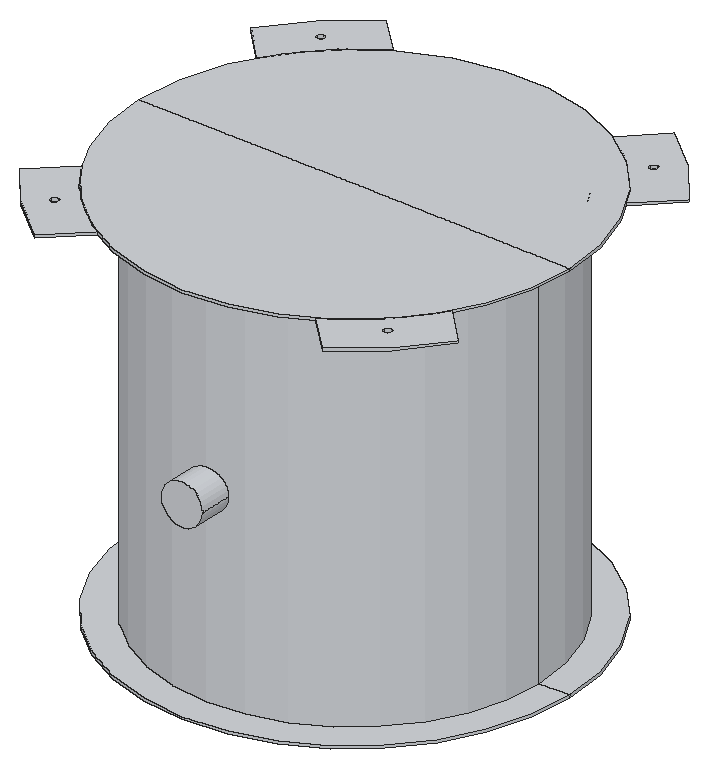
Revit family "VAD_Downblast_Ceiling_Mount", category Mechanical Equipment, Revit 2019
Family settings
  Round Connector Dimension = Use Radius
  Part Type = Normal
  Work Plane-Based = No
  Always vertical = Yes
  Cut with Voids When Loaded = No
  Shared = No
  Room Calculation Point = No
Parameters (values of type "18_VAD_DOWNBLAST_CEILING")
  Unit Weight [instance] = ""
  ModelID [instance] = ""
  L/2 = L / 2  # 0' - 8 7/32"
  J/2 = J / 2  # 0' - 11 5/8"
  J-A = J - A  # 0' - 5 1/4"
  J = 1' - 11 1/4"
  K/2 = K / 2  # 0' - 0 3/16"
  K = 0' - 0 3/8"
  L-(C/2) = L - (C / 2)  # 0' - 6 9/16"
  L = 1' - 4 7/16"
  H-(A/2) = H - (A / 2)  # 1' - 6 1/4"
  H+L = H + L  # 3' - 7 11/16"
  H = 2' - 3 1/4"
  Sones [instance] = ""
  Motor RPM [instance] = ""
  Motor Enclosure [instance] = ""
  LwA [instance] = ""
  G = 12' - 0"
  Fan RPM [instance] = ""
  F/2 = F / 2  # 0' - 0 7/32"
  F = 0' - 0 7/16"
  E/2 = E / 2  # 0' - 9 1/2"
  E-2" = E - 0' 2"  # 1' - 5"
  E-.125" = E - 0' 0 1/8"  # 1' - 6 7/8"
  E = 1' - 7"
  C/2+L = C / 2 + L  # 2' - 2 5/16"
  C/2 = C / 2  # 0' - 9 7/8"
  C = 1' - 7 3/4"
  B/2 = B / 2  # 0' - 10 5/8"
  B = 1' - 9 1/4"
  Accessories [instance] = ""
  A/3 = A / 2.5  # 0' - 7.2"
  A/2 = A / 2  # 0' - 9"
  A = 1' - 6"
  60 = 60.00°  # constant formula
  45 = 45.00°
  30 = 30.00°  # constant formula
  3" = 0' - 3"  # constant formula
  Brake Hp [instance] = ""
  4" = 0' - 4"  # constant formula
  2' = 2' - 0"
  2" = 0' - 2"  # constant formula
  1" = 0' - 1"  # constant formula
  0 = 0' - 0"  # constant formula
  Voltage [instance] = 0 V
  URL = "www.lorencook.com"
  Type Comments = "Fixed Pitch Vane Axial Downblast Ceiling Mount Direct Drive Arrangement 4"  # constant formula
  Static Pressure [instance] = 0.00 in-wg
  Power [instance] = Voltage * Motor FLA * sqrt(if(Phase = 3, 3, 1))  # 0 VA
  Phase [instance] = 0
  Number of Poles [instance] = 1
  Motor Hp [instance] = "0"
  Motor FLA [instance] = 0 A
  Model = "VAD"  # constant formula
  Manufacturer = "Loren Cook Company"
  CFM [instance] = 0 CFM
  1.5 = 0' - 1 1/2"  # constant formula
  ONE EIGTH = 0' - 0 1/8"  # constant formula
  -E/2 = -E / 2  # -0' - 9 1/2"
  -(E-.25")/2 = -(E - 0' 0 1/4") / 2  # -0' - 9 3/8"
  (L/2)-1" = (L / 2) - 0' 1"  # 0' - 7 7/32"
  (J-A)/2 = (J - A) / 2  # 0' - 2 5/8"
  (J+(J-A))/2 = (J + (J / 2 - A / 2)) / 2  # 1' - 0 15/16"
  (H-(A/2))/2 = (H - (A / 2)) / 2  # 0' - 9 1/8"
  (E-.25")/2 = (E - 0' 0 1/4") / 2  # 0' - 9 3/8"
  (A+.25")/2 = (A + 0' 0 1/4") / 2  # 0' - 9 1/8"
Types (10): name | L/2 | J/2 | J-A | J | K/2 | K | L-(C/2) | L | H-(A/2) | H+L | H | G | F/2 | F | E/2 | E-2" | E-.125" | E | C/2+L | C/2 | C | B/2 | B | A/3 | A/2 | A | -E/2 | -(E-.25")/2 | (L/2)-1" | (J-A)/2 | (J+(J-A))/2 | (H-(A/2))/2 | (E-.25")/2 | (A+.25")/2
  (no name) | 0' - 8 7/32" | 0' - 11 5/8" | 0' - 5 1/4" | 1' - 11 1/4" | 0' - 0 3/16" | 0' - 0 3/8" | 0' - 6 9/16" | 1' - 4 7/16" | 1' - 6 1/4" | 3' - 7 11/16" | 2' - 3 1/4" | 12' - 0" | 0' - 0 7/32" | 0' - 0 7/16" | 0' - 9 1/2" | 1' - 5" | 1' - 6 7/8" | 1' - 7" | 2' - 2 5/16" | 0' - 9 7/8" | 1' - 7 3/4" | 0' - 10 5/8" | 1' - 9 1/4" | 0' - 7.2" | 0' - 9" | 1' - 6" | -0' - 9 1/2" | -0' - 9 3/8" | 0' - 7 7/32" | 0' - 2 5/8" | 1' - 0 15/16" | 0' - 9 1/8" | 0' - 9 3/8" | 0' - 9 1/8"
  18_VAD_DOWNBLAST_CEILING | 0' - 8 7/32" | 0' - 11 5/8" | 0' - 5 1/4" | 1' - 11 1/4" | 0' - 0 3/16" | 0' - 0 3/8" | 0' - 6 9/16" | 1' - 4 7/16" | 1' - 6 1/4" | 3' - 7 11/16" | 2' - 3 1/4" | 12' - 0" | 0' - 0 7/32" | 0' - 0 7/16" | 0' - 9 1/2" | 1' - 5" | 1' - 6 7/8" | 1' - 7" | 2' - 2 5/16" | 0' - 9 7/8" | 1' - 7 3/4" | 0' - 10 5/8" | 1' - 9 1/4" | 0' - 7.2" | 0' - 9" | 1' - 6" | -0' - 9 1/2" | -0' - 9 3/8" | 0' - 7 7/32" | 0' - 2 5/8" | 1' - 0 15/16" | 0' - 9 1/8" | 0' - 9 3/8" | 0' - 9 1/8"
  21_VAD_DOWNBLAST_CEILING | 0' - 9 9/32" | 1' - 1 1/8" | 0' - 5 1/4" | 2' - 2 1/4" | 0' - 0 3/16" | 0' - 0 3/8" | 0' - 7 3/16" | 1' - 6 9/16" | 1' - 9" | 4' - 2 1/16" | 2' - 7 1/2" | 12' - 0" | 0' - 0 7/32" | 0' - 0 7/16" | 0' - 10" | 1' - 6" | 1' - 7 7/8" | 1' - 8" | 2' - 5 15/16" | 0' - 11 3/8" | 1' - 10 3/4" | 1' - 0 1/8" | 2' - 0 1/4" | 0' - 8.4" | 0' - 10 1/2" | 1' - 9" | -0' - 10" | -0' - 9 7/8" | 0' - 8 9/32" | 0' - 2 5/8" | 1' - 2 7/16" | 0' - 10 1/2" | 0' - 9 7/8" | 0' - 10 5/8"
  26_VAD_DOWNBLAST_CEILING | 0' - 11 3/32" | 1' - 3 11/16" | 0' - 5 3/8" | 2' - 7 3/8" | 0' - 0 3/16" | 0' - 0 3/8" | 0' - 8 3/16" | 1' - 10 3/16" | 1' - 9 1/2" | 4' - 8 11/16" | 2' - 10 1/2" | 12' - 0" | 0' - 0 7/32" | 0' - 0 7/16" | 0' - 11" | 1' - 8" | 1' - 9 7/8" | 1' - 10" | 3' - 0 3/16" | 1' - 2" | 2' - 4" | 1' - 3 5/32" | 2' - 6 5/16" | 0' - 10.4" | 1' - 1" | 2' - 2" | -0' - 11" | -0' - 10 7/8" | 0' - 10 3/32" | 0' - 2 11/16" | 1' - 5 1/32" | 0' - 10 3/4" | 0' - 10 7/8" | 1' - 1 1/8"
  29_VAD_DOWNBLAST_CEILING | 1' - 0 1/2" | 1' - 5 11/16" | 0' - 6 3/8" | 2' - 11 3/8" | 0' - 0 7/32" | 0' - 0 7/16" | 0' - 9 1/2" | 2' - 1" | 2' - 2" | 5' - 5 1/2" | 3' - 4 1/2" | 12' - 0" | 0' - 0 7/32" | 0' - 0 7/16" | 1' - 0 1/2" | 1' - 11" | 2' - 0 7/8" | 2' - 1" | 3' - 4 1/2" | 1' - 3 1/2" | 2' - 7" | 1' - 4 21/32" | 2' - 9 5/16" | 0' - 11.6" | 1' - 2 1/2" | 2' - 5" | -1' - 0 1/2" | -1' - 0 3/8" | 0' - 11 1/2" | 0' - 3 3/16" | 1' - 7 9/32" | 1' - 1" | 1' - 0 3/8" | 1' - 2 5/8"
  36_VAD_DOWNBLAST_CEILING | 1' - 3 11/32" | 1' - 9 11/16" | 0' - 7 3/8" | 3' - 7 3/8" | 0' - 0 7/32" | 0' - 0 7/16" | 0' - 11 11/16" | 2' - 6 11/16" | 2' - 3 1/2" | 6' - 4 3/16" | 3' - 9 1/2" | 16' - 0" | 0' - 0 9/32" | 0' - 0 9/16" | 1' - 4" | 2' - 6" | 2' - 7 7/8" | 2' - 8" | 4' - 1 11/16" | 1' - 7" | 3' - 2" | 1' - 8 5/32" | 3' - 4 5/16" | 1' - 2.4" | 1' - 6" | 3' - 0" | -1' - 4" | -1' - 3 7/8" | 1' - 2 11/32" | 0' - 3 11/16" | 1' - 11 17/32" | 1' - 1 3/4" | 1' - 3 7/8" | 1' - 6 1/8"
  42_VAD_DOWNBLAST_CEILING | 1' - 5 3/32" | 2' - 0 3/16" | 0' - 6 3/8" | 4' - 0 3/8" | 0' - 0 7/32" | 0' - 0 7/16" | 1' - 0" | 2' - 10 3/16" | 2' - 5 1/2" | 7' - 0 11/16" | 4' - 2 1/2" | 16' - 0" | 0' - 0 9/32" | 0' - 0 9/16" | 1' - 6 1/2" | 2' - 11" | 3' - 0 7/8" | 3' - 1" | 4' - 8 3/8" | 1' - 10 3/16" | 3' - 8 3/8" | 1' - 10 21/32" | 3' - 9 5/16" | 1' - 4.8" | 1' - 9" | 3' - 6" | -1' - 6 1/2" | -1' - 6 3/8" | 1' - 4 3/32" | 0' - 3 3/16" | 2' - 1 25/32" | 1' - 2 3/4" | 1' - 6 3/8" | 1' - 9 1/8"
  48_VAD_DOWNBLAST_CEILING | 1' - 7 15/16" | 2' - 4 3/16" | 0' - 8 3/8" | 4' - 8 3/8" | 0' - 0 7/32" | 0' - 0 7/16" | 1' - 2 5/8" | 3' - 3 7/8" | 2' - 6" | 7' - 9 7/8" | 4' - 6" | 16' - 0" | 0' - 0 9/32" | 0' - 0 9/16" | 1' - 9" | 3' - 4" | 3' - 5 7/8" | 3' - 6" | 5' - 5 1/8" | 2' - 1 1/4" | 4' - 2 1/2" | 2' - 2 19/32" | 4' - 5 3/16" | 1' - 7.2" | 2' - 0" | 4' - 0" | -1' - 9" | -1' - 8 7/8" | 1' - 6 15/16" | 0' - 4 3/16" | 2' - 6 9/32" | 1' - 3" | 1' - 8 7/8" | 2' - 0 1/8"
  54_VAD_DOWNBLAST_CEILING | 1' - 10 3/32" | 2' - 7 1/4" | 0' - 8 1/2" | 5' - 2 1/2" | 0' - 0 7/32" | 0' - 0 7/16" | 1' - 3 15/16" | 3' - 8 3/16" | 2' - 8 1/2" | 8' - 7 11/16" | 4' - 11 1/2" | 16' - 0" | 0' - 0 9/32" | 0' - 0 9/16" | 1' - 11" | 3' - 8" | 3' - 9 7/8" | 3' - 10" | 6' - 0 7/16" | 2' - 4 1/4" | 4' - 8 1/2" | 2' - 5 23/32" | 4' - 11 7/16" | 1' - 9.6" | 2' - 3" | 4' - 6" | -1' - 11" | -1' - 10 7/8" | 1' - 9 3/32" | 0' - 4 1/4" | 2' - 9 3/8" | 1' - 4 1/4" | 1' - 10 7/8" | 2' - 3 1/8"
  60_VAD_DOWNBLAST_CEILING | 2' - 0 7/32" | 2' - 10 1/4" | 0' - 8 1/2" | 5' - 8 1/2" | 0' - 0 7/32" | 0' - 0 7/16" | 1' - 4 13/16" | 4' - 0 7/16" | 2' - 11" | 9' - 5 7/16" | 5' - 5" | 16' - 0" | 0' - 0 9/32" | 0' - 0 9/16" | 1' - 11" | 3' - 8" | 3' - 9 7/8" | 3' - 10" | 6' - 8 1/16" | 2' - 7 5/8" | 5' - 3 1/4" | 2' - 8 23/32" | 5' - 5 7/16" | 2' - 0" | 2' - 6" | 5' - 0" | -1' - 11" | -1' - 10 7/8" | 1' - 11 7/32" | 0' - 4 1/4" | 3' - 0 3/8" | 1' - 5 1/2" | 1' - 10 7/8" | 2' - 6 1/8"
Reference planes (in)
  plane 1 "Center (Front/Back)": y = 0
  plane 2: z = 0
  plane 3 "Center (Left/Right)": x = 0.40541
Forms (in)
  Revolve 1, solid
    sketch origin (0, 0, 0) x (1, 0, 0) y (0, 0, 1)
      loop
        line (0.40541, 0) -> (11.03041, 0) -> (11.03041, 0.125) -> (9.53041, 0.125) -> (9.53041, 18.875) -> (11.03041, 18.875) -> (11.03041, 19) -> (0.40541, 19) -> (0.40541, 0)
      axis (0.40541, 19) -> (0.40541, 0)
    angle from 0 to 360
  Extrusion 2, solid
    sketch origin (0, 0, 0) x (1, 0, 0) y (0, 1, 0)
      loop
        line (-5.01854, 9.13627) -> (-6.69634, 10.81406)
        arc (-6.69634, 10.81406) -> (-8.74278, 9.14819) -> (-10.40865, 7.10175) r 12.9375
        line (-10.40865, 7.10175) -> (-8.73085, 5.42395)
        arc (-8.73085, 5.42395) -> (-7.1076, 7.51301) -> (-5.01854, 9.13627) r 10.625
      loop
        arc (5.82937, 9.13627) -> (7.91842, 7.51301) -> (9.54168, 5.42395) r 10.625
        line (9.54168, 5.42395) -> (11.21948, 7.10175)
        arc (11.21948, 7.10175) -> (9.55361, 9.14819) -> (7.50717, 10.81406) r 12.9375
        line (7.50717, 10.81406) -> (5.82937, 9.13627)
      loop
        line (5.82937, -9.13627) -> (7.50717, -10.81406)
        arc (7.50717, -10.81406) -> (9.55361, -9.14819) -> (11.21948, -7.10175) r 12.9375
        line (11.21948, -7.10175) -> (9.54168, -5.42395)
        arc (9.54168, -5.42395) -> (7.91842, -7.51301) -> (5.82937, -9.13627) r 10.625
      loop
        arc (-5.01854, -9.13627) -> (-7.1076, -7.51301) -> (-8.73085, -5.42395) r 10.625
        line (-8.73085, -5.42395) -> (-10.40865, -7.10175)
        arc (-10.40865, -7.10175) -> (-8.74278, -9.14819) -> (-6.69634, -10.81406) r 12.9375
        line (-6.69634, -10.81406) -> (-5.01854, -9.13627)
    from 18.875 <- "E-.125"" to 19 <- "E"
  Extrusion 3, void
    sketch origin (0, 0, 0) x (1, 0, 0) y (0, 1, 0)
      loop
        circle (8.62416, 8.21875) r 0.1875
      loop
        circle (-7.81334, 8.21875) r 0.1875
      loop
        circle (-7.81334, -8.21875) r 0.1875
      loop
        circle (8.62416, -8.21875) r 0.1875
    from 0 to 19 <- "E"
  Extrusion 4, solid
    sketch origin (0, 0, 0) x (1, 0, 0) y (0, 0, 1)
      loop
        circle (0.40541, 9.5) r 1
    from 0 to 10.625 <- "B/2"
Cuts and joins
  Extrusion 3 cuts Revolve 1
  Extrusion 3 cuts Extrusion 2
Dimensions and locks (in)
  "0": Revolve 1 sketch curve to plane 3 "Center (Left/Right)"  (x2)
  "E": Revolve 1 sketch curve to Revolve 1 sketch curve
  "0": Revolve 1 sketch curve to level
  "ONE EIGTH": Revolve 1 sketch curve to Revolve 1 sketch curve  (x2)
  "(A+.25")/2": Revolve 1 sketch curve to Revolve 1 sketch curve
  "B/2": Revolve 1 sketch curve to Revolve 1 sketch curve  (x2)
  "(J-A)/2": plane 3 "Center (Left/Right)" to Extrusion 2 sketch curve  (x4)
  "(J-A)/2": Extrusion 2 sketch curve to plane 3 "Center (Left/Right)"  (x3)
  "0": Extrusion 2 sketch curve to plane 3 "Center (Left/Right)"  (x6)
  "0": Extrusion 2 sketch curve to plane 1 "Center (Front/Back)"  (x7)
  "0": plane 1 "Center (Front/Back)" to Extrusion 2 sketch curve
  "0": plane 3 "Center (Left/Right)" to Extrusion 2 sketch curve  (x2)
  "J-A": Extrusion 2 sketch curve to Extrusion 2 sketch curve
  "L/2": plane 3 "Center (Left/Right)" to Extrusion 3 sketch curve  (x4)
  "L/2": plane 1 "Center (Front/Back)" to Extrusion 3 sketch curve  (x4)
  "0": Extrusion 4 sketch curve to plane 3 "Center (Left/Right)"
  "E/2": Extrusion 4 sketch curve to level
  "B/2": radius of Extrusion 2 sketch curve  (x4)
  "(J+(J-A))/2": radius of Extrusion 2 sketch curve  (x4)
  "K/2": radius of Extrusion 3 sketch curve  (x4)
  "1"": radius of Extrusion 4 sketch curve
  "45": angle plane 3 "Center (Left/Right)" to Extrusion 2 sketch curve  (x2)
  "45": angle Extrusion 2 sketch curve to plane 1 "Center (Front/Back)"  (x2)
  "45": angle Extrusion 2 sketch curve to plane 3 "Center (Left/Right)"  (x2)
  "45": angle plane 1 "Center (Front/Back)" to Extrusion 2 sketch curve  (x2)
Automatic sketch dimensions
  Revolve 1 sketch curve to level = 0' - 0"
  Revolve 1 sketch curve to Revolve 1 sketch curve = 1' - 0"
Connectors (in)
  hvac at (0.40541, 0, 19), driven by "A/2"
    settings: on cut or joined group of Revolve 1, Extrusion 3, index 2, duct flow 0 CFM, flow factor 0, pres drop 0.00 in-wg, loss coef 0, conn angle 0.00°, conn width 12", conn height 12", conn diameter 18", duct sys type 29, conn prof type 0, flow config 0, flow direction 1, loss method 0, conn ref index -1, conn util no, is conn primary yes, conn desc ""
  hvac at (0.40541, 0, 0.125), driven by "A/2"
    settings: on cut or joined group of Revolve 1, Extrusion 3, index 3, duct flow 0 CFM, flow factor 0, pres drop 0.00 in-wg, loss coef 0, conn angle 0.00°, conn width 12", conn height 12", conn diameter 18", duct sys type 29, conn prof type 0, flow config 0, flow direction 2, loss method 0, conn ref index -1, conn util no, is conn primary no, conn desc ""
  electrical at (0.40541, -10.625, 9.5)
    settings: on Extrusion 4, index 4, voltage 0 V, apparent load 0 VA, apparent load phase1 0 VA, apparent load phase2 0 VA, apparent load phase3 0 VA, power factor 1, load classification "Other", number of poles 1, system type 30, power factor state 1, is connector primary yes, connector utility no, sub classification motor no, connector description ""
